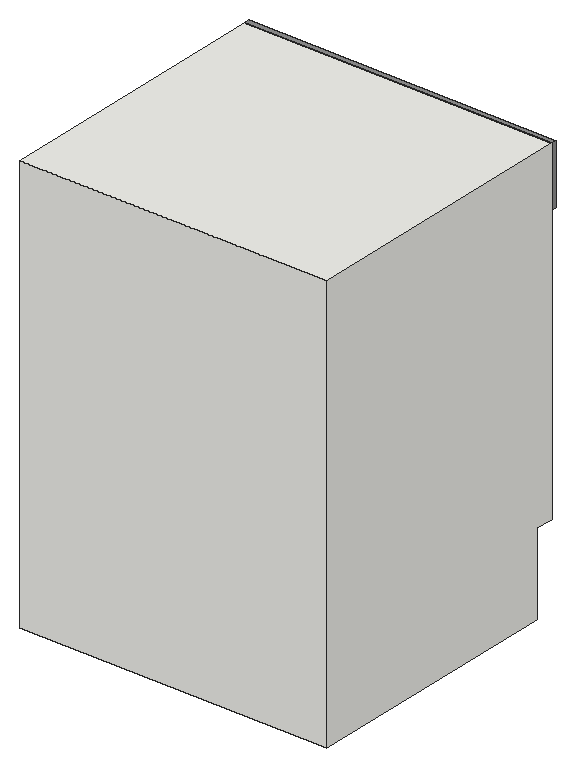
Revit family
Parameters (values of type "600 x 820 x 550mm")
  Label = "D"
  Depth = 550 mm
  Material = Metal - Paint Finish - Ivory, Glossy
  Height = 820 mm
  Plinth Depth = 35 mm
  Plinth Height = 160 mm
  Width = 600 mm
  Assembly Code = ""
Reference planes
  plane 1: y = 0
  plane 2 "Center": x = -151.314
  plane 3: y = 676.2
  plane 4 "Right": x = 148.686
  plane 5 "Left": x = -451.314
  plane 6: y = 126.2
  plane 7: z = 160
  plane 8: y = 641.2
  plane 9: z = 820
  plane 10: z = 786.085
  plane 11: x = -76.314
  plane 12: z = 761.085
  plane 13: x = -376.314
  plane 14: x = -25.005
  plane 15: z = 702.169
  plane 16: z = 736.085
  plane 17: z = 440
  plane 18: y = 401.2
Forms (mm)
  Extrusion 1, solid, material "Metal - Paint Finish - Ivory, Glossy" <- "Material"
    sketch origin (-451.314, 0, 0) x (0, -1, 0) y (0, 0, 1)
      loop
        line (-126.2, 820) -> (-676.2, 820) -> (-676.2, 160) -> (-641.2, 160) -> (-641.2, 0) -> (-126.2, 0) -> (-126.2, 820)
    from -600 to 0
  Extrusion 2, void
    sketch origin (-451.314, 676.2, 820) x (-1, 0, 0) y (0, 0, -1)
      loop
        circle (-300, 380) r 190
    from 0 to 250
  Extrusion 3, solid, material "Metal - Stainless Steel"
    sketch origin (-451.314, 676.2, 820) x (1, 0, 0) y (0, 0, -1)
      loop
        circle (300, 380) r 190
      loop
        circle (300, 380) r 140
    from 0 to 19
  Extrusion 4, solid, material "Metal - Stainless Steel"
    sketch origin (-451.314, 676.2, 820) x (1, 0, 0) y (0, 0, -1)
      loop
        line (0, 117.831) -> (0, 0) -> (600, 0) -> (600, 117.831) -> (0, 117.831)
      loop
        circle (93.427, 605.23) r 35
    from 0 to 10
  Extrusion 5, solid, material "Plastic - Black"
    sketch origin (-451.314, 686.2, 820) x (1, 0, 0) y (0, 0, -1)
      loop
        line (571.309, 58.915) -> (571.309, 83.915) -> (454.473, 83.915) -> (454.473, 58.915) -> (571.309, 58.915)
      loop
        line (225, 38.915) -> (225, 78.915) -> (200, 78.915) -> (200, 38.915) -> (225, 38.915)
      loop
        circle (75, 58.915) r 25
      loop
        circle (375, 58.915) r 15
      loop
        line (58.693, 600.92) -> (127.961, 600.92) -> (127.961, 610.92) -> (58.693, 610.92) -> (58.693, 600.92)
      loop
        line (325, 38.915) -> (325, 78.915) -> (300, 78.915) -> (300, 38.915) -> (325, 38.915)
      loop
        line (275, 38.915) -> (275, 78.915) -> (250, 78.915) -> (250, 38.915) -> (275, 38.915)
    from 0 to 5
Cuts and joins
  Extrusion 2 cuts Extrusion 1
Lines and regions (mm)
  Masking region 1
    outline origin (0, 0, 0) x (1, 0, 0) y (0, 1, 0)
      loop
        line (-451.314, 676.2) -> (-451.314, 126.2) -> (148.686, 126.2) -> (148.686, 676.2) -> (-451.314, 676.2)
  symbolic lines
    curve 1: line (-451.314, 656.2, 0) -> (148.686, 656.2, 0)
Text (mm)
  text "Placement Side" at (0, 533.471, 1971.195), in view "Right"
  text "Placement Side" at (-1038.758, 1363.827, 0), in view "Ref. Level"
  text "Placement Side" at (0, 1206.291, 1923.349), in view "Left"
Dimensions and locks
  "Depth": plane 6 to plane 3
  "Width": plane 5 "Left" to plane 4 "Right"
  equal spacing: plane 5 "Left", plane 2 "Center", plane 4 "Right"
  locked: plane 6 to host wall at 50
  "Plinth Depth": plane 3 to plane 8
  "Plinth Height": level to plane 7
  "Height": level to plane 9
  plane 5 "Left" to plane 13 = 75 mm
  equal spacing: plane 15, plane 12, plane 9
  plane 15 to plane 9 = 117.831 mm
  equal spacing: plane 16, plane 12, plane 10
  equal spacing: plane 6, plane 18, plane 3
  aligned and locked: plane 5 "Left" to Extrusion 1  (x2)
  aligned and locked: Extrusion 1 to plane 4 "Right"
  aligned and locked: plane 3 to Extrusion 3
  aligned and locked: Extrusion 4 sketch curve to cut or joined group of Extrusion 1, Extrusion 2  (x2)
  aligned and locked: plane 2 "Center" to nested 1
  aligned and locked: nested 1 to plane 18
  aligned: cut or joined group of Extrusion 1, Extrusion 2 to Masking region 1 sketch curve  (x2)
  aligned: Masking region 1 sketch curve to cut or joined group of Extrusion 1, Extrusion 2  (x2)
Automatic sketch dimensions
  Extrusion 1 sketch curve to plane 3 = 0 mm
  Extrusion 1 sketch curve to plane 7 = 0 mm
  Extrusion 1 sketch curve to plane 8 = 0 mm
  Extrusion 1 sketch curve to level = 0 mm
  Extrusion 1 sketch curve to plane 6 = 0 mm
  Extrusion 1 sketch curve to plane 9 = 0 mm
  Extrusion 2 sketch curve to plane 17 = 0 mm
  Extrusion 2 sketch curve to plane 2 "Center" = 0 mm
  Extrusion 2 sketch curve to plane 14 = 63.691 mm
  Extrusion 3 sketch curve to plane 17 = 0 mm  (x2)
  Extrusion 3 sketch curve to plane 2 "Center" = 0 mm  (x2)
  Extrusion 3 sketch curve to plane 13 = 85 mm
  Extrusion 3 sketch curve to plane 13 = 35 mm
  plane 13 to Extrusion 4 sketch curve = 16.573 mm
  Extrusion 4 sketch curve to plane 13 = 18.427 mm
  Extrusion 4 sketch curve to plane 7 = 54.77 mm
  Extrusion 5 sketch curve to plane 12 = 0 mm  (x3)
  Extrusion 5 sketch curve to plane 13 = 0 mm
  Extrusion 5 sketch curve to plane 2 "Center" = 0 mm
  Extrusion 5 sketch curve to plane 11 = 0 mm
  plane 13 to Extrusion 5 sketch curve = 16.307 mm
  plane 13 to Extrusion 5 sketch curve = 25 mm
  Extrusion 5 sketch curve to plane 13 = 52.961 mm
  Extrusion 5 sketch curve to plane 16 = 5 mm  (x3)
  Extrusion 5 sketch curve to Extrusion 5 sketch curve = 25 mm  (x3)
  plane 10 to Extrusion 5 sketch curve = 5 mm  (x3)
  plane 2 "Center" to Extrusion 5 sketch curve = 25 mm
  plane 11 to Extrusion 5 sketch curve = 15 mm
  Extrusion 5 sketch curve to plane 7 = 59.08 mm
  Extrusion 5 sketch curve to Extrusion 5 sketch curve = 10 mm
  Extrusion 4 sketch curve to plane 9 = 0 mm
  Extrusion 4 sketch curve to plane 15 = 0 mm
  Extrusion 5 sketch curve to plane 16 = 0 mm
  Extrusion 5 sketch curve to Extrusion 5 sketch curve = 75 mm
  Extrusion 5 sketch curve to plane 14 = 28.164 mm
  plane 4 "Right" to Extrusion 5 sketch curve = 28.691 mm
  curve 1 to plane 5 "Left" = 0 mm
  curve 1 to plane 4 "Right" = 0 mm
  curve 1 to plane 8 = 15 mm
  Masking region 1 sketch curve to plane 5 "Left" = 0 mm
  Masking region 1 sketch curve to plane 4 "Right" = 0 mm
  Masking region 1 sketch curve to plane 6 = 0 mm
  Masking region 1 sketch curve to plane 3 = 0 mm
Nested families
  nested 1: "Label Annotation (M)" at (-151.314, 401.2, 0), type "Label Annotation", detail levels medium+fine
Definition of nested family "Label Annotation (M)"
  Parameters
    Label = ""
  Reference planes
    plane 1: y = 0
    plane 2: x = 0
  Text (mm)
    label "Label" at (0.007, 0.129, 0), shows "Label"
